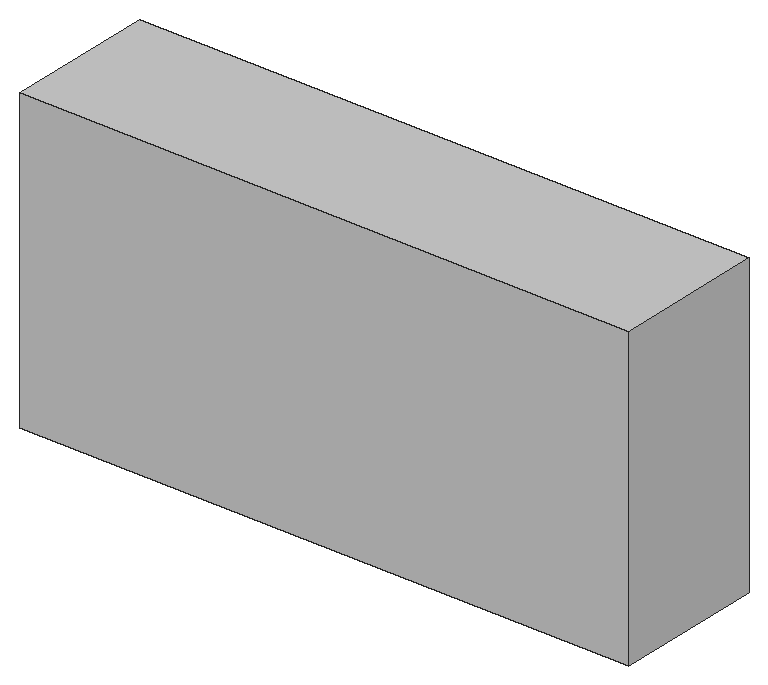
Revit family "Conc.Beams", category Structural Framing, Revit 2020
Family settings
  Display in Hidden Views = Edges Hidden by Other Members
  Structural Framing Length Roundoff = 0 mm
  Section Shape = Not Defined
  Material for Model Behavior = Concrete
  Always export as geometry = No
  OmniClass Number = 23.25.30.11.14.14
  OmniClass Title = Beams
  Always vertical = Yes
  Cut with Voids When Loaded = No
  Symbolic Representation = From Family
  Shared = No
  Show family pre-cut in plan views = Yes
Parameters (values of type "B")
  Structural Material [instance] = Concrete, Cast-in-Place gray
  Assembly Code = ""
  Length [instance] = 1524 mm
  b = 300 mm
  h = 600 mm
Reference planes
  plane 1 "Center (Front/Back)": y = 0
  plane 2: z = 0
  plane 3 "Center (Left/Right)": x = 4.61
  plane 4 "Member Left": x = -604.99
  plane 5 "Member Right": x = 614.21
  plane 6: y = 150
  plane 7: y = -150
  plane 8: z = 300
  plane 9 "Bottom": z = -300
  plane 10 "Left": x = -757.39
  plane 11 "Right": x = 766.61
Forms (mm)
  Sweep 1, solid, material "Concrete, Cast-in-Place gray" <- "Structural Material"
    path origin (0, 0, 0) x (1, 0, 0) y (0, 1, 0)
      loop
        line (614.21, 0) -> (-604.99, 0)
    profile "M_Rectangular Beam-Profile : M_Rectangular Beam-Profile" origin (4.61, 0, 0) x (0, -1, 0) y (0, 0, 1)
      loop
        line (-150, -300) -> (150, -300) -> (150, 300) -> (-150, 300) -> (-150, -300)
Dimensions and locks
  "b": plane 6 to plane 7
  equal spacing: plane 9 "Bottom", plane 2, plane 8
  equal spacing: plane 6, plane 1 "Center (Front/Back)", plane 7
  "h": plane 9 "Bottom" to plane 8
  "Length": plane 10 "Left" to plane 11 "Right"
  aligned and locked: Sweep 1 sketch curve to plane 1 "Center (Front/Back)"
  aligned and locked: plane 4 "Member Left" to Sweep 1 sketch curve
  aligned and locked: plane 5 "Member Right" to Sweep 1 sketch curve
